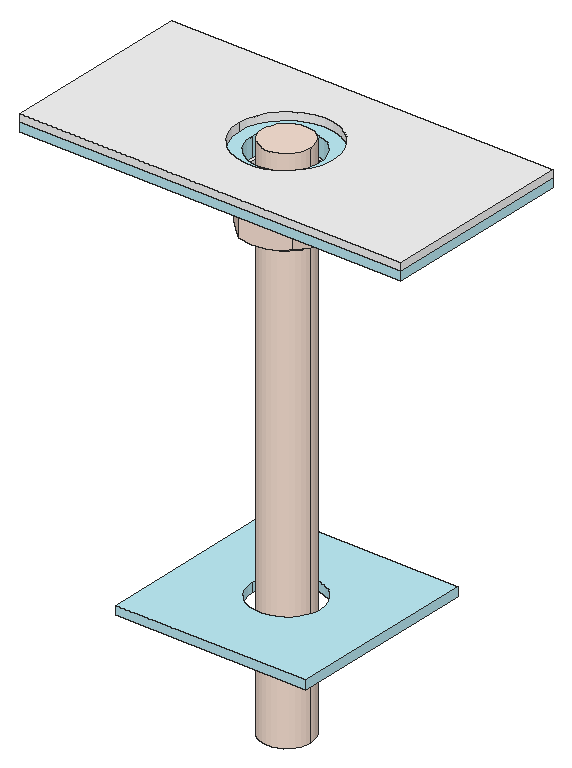
Revit family "gtqueen_umekomi", category 機械設備, Revit 2022
Family settings
  丸型コネクタ寸法 = 直径を使用
  種別 = なし
  パーツ タイプ = 標準
  作業面ベース = いいえ
  常に垂直 = はい
  ロード時にボイドで切り取り = いいえ
  注釈の向きを維持 = いいえ
  共有 = いいえ
  部屋計算ポイント = いいえ
Parameters
  製造元 = "株式会社桐井製作所"
  既定の高さ = 0 mm
  URL = "https://www.kirii.co.jp/"
  K_名称 = "GTクイーン埋込タイプ"
  K_備考 = "ボルト長さ60mm~250mmまで対応"
  K_バージョン情報 = "20221212"
Reference planes
  plane 1 "中心(正面/背面)": y = 0
  plane 2: z = 0
  plane 3 "中心(左/右)": x = 0
Dimensions and locks
  aligned and locked: level to plane 2
Nested families
  nested 1: "クッションゴムGTクイーン用" at (0.038, 0, 107.3), type "クッションゴムGTクイーン用"
  nested 2: "受け金具GTクイーン用" at (0, 0, 107.3) x (1, 0, 0) z (0, 0, -1), type "受け金具GTクイーン用"
  nested 3: "1／2”ナット" at (0.076, 0, 99.1) x (1, 0, 0) z (0, 0, -1), type "1／2”ナット"
  nested 4: "1／2”スプリングワッシャー" at (-0.038, 0, 99.1), type "1／2”スプリングワッシャー"
  nested 5: "調整座金" at (0.076, 0, 0), type "調整座金"
  nested 6: "1／2”ボルト" at (0.038, 0, -30), type "1／2”ボルト"
    with K_長さ(mm) 140 mm
Definition of nested family "クッションゴムGTクイーン用"
  Parameters (values of type "クッションゴムGTクイーン用")
    Manufacturer = "株式会社桐井製作所"
    Default Elevation = 0 mm
    URL = "https://www.kirii.co.jp/"
    K_材質 = "天然ゴム"
    K_名称 = "クッションゴムGTクイーン用"
    K_単位質量(kg/個) = 0.013
    K_バージョン情報 = "20221219"
    K_JIS規格 = "JIS Ｋ 6386"
  Reference planes
    plane 1 "中心(正面/背面)": y = 0
    plane 2: z = 0
    plane 3 "中心(左/右)": x = 0
  Forms (mm)
    Extrusion 1, solid
      sketch origin (0, 0, -108.4) x (-1, 0, 0) y (0, 0, 1)
        loop
          line (50, 108.4) -> (50, 110.4) -> (-50, 110.4) -> (-50, 108.4) -> (50, 108.4)
      from -25 to 25
    Extrusion 2, void
      sketch origin (0, 0, 0) x (1, 0, 0) y (0, 1, 0)
        loop
          circle (0, 0) r 12.5
      from 0 to 2
  Cuts and joins
    Extrusion 2 cuts Extrusion 1
  Dimensions and locks
    aligned and locked: level to plane 2
Definition of nested family "受け金具GTクイーン用"
  Parameters (values of type "受け金具GTクイーン用")
    Manufacturer = "株式会社桐井製作所"
    Default Elevation = 0 mm
    URL = "https://www.kirii.co.jp/"
    K_表面処理 = "Z12以上"
    K_材質 = "溶融亜鉛めっき鋼板及び鋼帯 JIS G 3302"
    K_名称 = "GTクイーン用受け金具"
    K_単位質量(kg/個) = 0.092
    K_バージョン情報 = "20221219"
  Reference planes
    plane 1 "中心(正面/背面)": y = 0
    plane 2: z = 0
    plane 3 "中心(左/右)": x = 0
  Forms (mm)
    Extrusion 1, solid
      sketch origin (0, 0, 0) x (1, 0, 0) y (0, 0, 1)
        loop
          line (-50, 2.3) -> (-50, 0) -> (50, 0) -> (50, 2.3) -> (-50, 2.3)
      from -25 to 25
    Revolve 2, solid
      sketch origin (0, 0, 0) x (1, 0, 0) y (0, 0, 1)
        loop
          line (0, 5) -> (0, 2.3) -> (17.5, 2.3)
          arc (17.5, 2.3) -> (16.21, 4.247) -> (14, 5) r 3.619
          line (14, 5) -> (0, 5)
        axis (0, 5) -> (0, 2.3)
      angle from 0 to 360
    Extrusion 3, void
      sketch origin (0, 0, 0) x (1, 0, 0) y (0, 1, 0)
        loop
          circle (-0.139, 0) r 9
      from 0 to 5
    Extrusion 4, void
      sketch origin (0, 0, 0) x (1, 0, 0) y (0, 1, 0)
        loop
          circle (-35.139, -10) r 2
        loop
          circle (34.861, 10) r 2
      from 0 to 2.3
  Cuts and joins
    Extrusion 3, Extrusion 4 cuts Extrusion 1
    Extrusion 3, Extrusion 4 cuts Revolve 2
    joined: Extrusion 1, Revolve 2
  Dimensions and locks
    aligned and locked: level to plane 2
Definition of nested family "1／2”ナット"
  Parameters (values of type "1／2”ナット")
    Manufacturer = "株式会社桐井製作所"
    Default Elevation = 0 mm
    URL = "https://www.kirii.co.jp/"
    K_表面処理 = "JIS H 8610 電気亜鉛めっき1級以上　JIS H 8625 1級CM1A以上"
    K_材質 = "軟鋼線材 JIS G 3505 同等以上"
    K_名称 = "1/2\"ナット"
    K_単位質量(kg/個) = 0.021
    K_バージョン情報 = "20221219"
  Reference planes
    plane 1 "中心(正面/背面)": y = 0
    plane 2: z = 0
    plane 3 "中心(左/右)": x = 0
  Forms (mm)
    Revolve 1, solid
      sketch origin (0, 0, 2.36) x (1, 0, 0) y (0, 0, 1)
        loop
          line (7, 7.64) -> (7, -2.36) -> (13, -2.36) -> (13, 4.782)
          arc (13, 4.782) -> (11.208, 6.863) -> (8.573, 7.64) r 4.858
          line (8.573, 7.64) -> (7, 7.64)
        axis (0, 7.64) -> (0, -2.36)
      angle from 0 to 360
    Extrusion 2, void
      sketch origin (0, 0, 0) x (1, 0, 0) y (0, 1, 0)
        loop
          circle (0, 0) r 14
        loop
          line (3.138, 11.711) -> (-8.573, 8.573) -> (-11.711, -3.138) -> (-3.138, -11.711) -> (8.573, -8.573) -> (11.711, 3.138) -> (3.138, 11.711)
      from 0 to 10
  Cuts and joins
    Extrusion 2 cuts Revolve 1
  Dimensions and locks
    aligned and locked: level to plane 2
Definition of nested family "1／2”スプリングワッシャー"
  Parameters (values of type "1／2”スプリングワッシャー")
    Manufacturer = "株式会社桐井製作所"
    Default Elevation = 0 mm
    URL = "https://www.kirii.co.jp/"
    K_表面処理 = "JIS H 8610 電気亜鉛めっき1級以上　JIS H 8625 1級CM1A以上"
    K_材質 = "軟鋼線材 JIS G 3505 同等以上"
    K_名称 = "1/2”スプリングワッシャー"
    K_単位質量(kg/個) = 0.001
    K_バージョン情報 = "20221219"
  Reference planes
    plane 1 "中心(正面/背面)": y = 0
    plane 2: z = 0
    plane 3 "中心(左/右)": x = 0
  Forms (mm)
    Extrusion 1, solid
      sketch origin (0, 0, 0) x (1, 0, 0) y (0, 1, 0)
        loop
          circle (0, 0.162) r 11
        loop
          circle (0, 0.162) r 8
      from 0 to 3.2
  Dimensions and locks
    aligned and locked: level to plane 2
Definition of nested family "調整座金"
  Parameters (values of type "調整座金")
    Manufacturer = "株式会社桐井製作所"
    Default Elevation = 0 mm
    URL = "https://www.kirii.co.jp/"
    K_表面処理 = "Z12以上"
    K_材質 = "溶融亜鉛めっき鋼板及び鋼帯 JIS G 3302"
    K_名称 = "調整座金"
    K_単位質量(kg/個) = 0.045
    K_バージョン情報 = "20221219"
  Reference planes
    plane 1 "中心(正面/背面)": y = 0
    plane 2: z = 0
    plane 3 "中心(左/右)": x = 0
  Forms (mm)
    Extrusion 1, solid
      sketch origin (0, 0, 0) x (1, 0, 0) y (0, 0, 1)
        loop
          line (-25, 2.3) -> (-25, 0) -> (25, 0) -> (25, 2.3) -> (-25, 2.3)
      from -25 to 25
    Extrusion 2, void
      sketch origin (-0.71, 0, 0) x (1, 0, 0) y (0, 1, 0)
        loop
          circle (0.71, 0) r 9
      from 0 to 2.3
  Cuts and joins
    Extrusion 2 cuts Extrusion 1
  Dimensions and locks
    aligned and locked: level to plane 2
Definition of nested family "1／2”ボルト"
  Parameters (values of type "1／2”ボルト")
    Manufacturer = "株式会社桐井製作所"
    Default Elevation = 0 mm
    URL = "https://www.kirii.co.jp/"
    K_長さ(mm) [instance] = 100 mm
    K_表面処理 = "JIS H 8610 電気亜鉛めっき1級以上　JIS H 8625 1級CM1A以上"
    K_材質 = "軟鋼線材　JIS G 3505　同等以上"
    K_名称 = "1/2”ボルト"
    K_単位質量(㎏/mm) = 0.075
    K_バージョン情報 = "20221219"
  Reference planes
    plane 1 "中心(正面/背面)": y = 0
    plane 2: z = 0
    plane 3 "中心(左/右)": x = 0
  Forms (mm)
    Extrusion 1, solid
      sketch origin (0.058, 0, 0) x (1, 0, 0) y (0, 1, 0)
        loop
          circle (-0.02, 0) r 6.35
      from 0 to 100
  Dimensions and locks
    "K_長さ(mm)": Extrusion 1 to Extrusion 1
    aligned and locked: level to plane 2
  Automatic sketch dimensions
    plane 1 "中心(正面/背面)" to Extrusion 1 sketch curve = 0 mm
    plane 3 "中心(左/右)" to Extrusion 1 sketch curve = 0.038 mm
    radius of Extrusion 1 sketch curve = 6.35 mm
